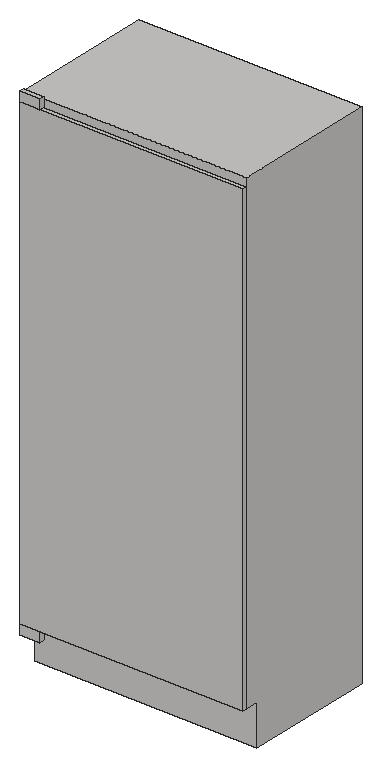
Revit family "RF491705", category Generic Models, Revit 2014
Parameters (values of type "RF491705")
  Width = 908 mm
  URL = "http://www.gaggenau.com."
  Model = "RF491705"
  Manufacturer = "Gaggenau"
  Height = 2125 mm
  Handle = Metal Panel
  Fridge = Metal Panel
  Door = Metal Panel
  Description = "Gaggenau 36\" Freezer Column with integrated ice maker"
  Depth = 608 mm
Reference planes
  plane 1 "Center (Front/Back)": y = 0
  plane 2: z = 0
  plane 3 "Center (Left/Right)": x = 0
  plane 4: z = 2125
  plane 5: x = -454
  plane 6: x = 454
  plane 7: y = 266.012
  plane 8: y = -341.988
  plane 9: z = 181
  plane 10: z = 102
  plane 11: z = 14.093
  plane 12: z = 2131
  plane 13: z = 2091
  plane 14: y = -268.988
  plane 15: y = -321.988
  plane 16: x = 393.794
Forms (mm)
  Extrusion 1, solid, material "Metal Panel" <- "Fridge"
    sketch origin (0, 0, 0) x (0, 1, 0) y (0, 0, 1)
      loop
        line (266.012, 2125) -> (-321.988, 2125) -> (-321.988, 181) -> (-268.988, 181) -> (-268.988, 14.093) -> (266.012, 14.093) -> (266.012, 2125)
    from -454 to 454
  Extrusion 2, solid, material "Metal Panel" <- "Door"
    sketch origin (0, 0, 0) x (1, 0, 0) y (0, 0, 1)
      loop
        line (-454, 181) -> (454, 181) -> (454, 2091) -> (-454, 2091) -> (-454, 181)
    from 321.988 to 341.988
  Extrusion 3, solid, material "Metal Panel" <- "Door"
    sketch origin (-828, 0, -0.35) x (1, 0, 0) y (0, 0, 1)
      loop
        line (454, 2131.35) -> (374, 2131.35) -> (374, 2091.35) -> (454, 2091.35) -> (454, 2131.35)
      loop
        line (454, 181.35) -> (374, 181.35) -> (374, 141.35) -> (454, 141.35) -> (454, 181.35)
    from 321.988 to 341.988
  Extrusion 4, solid, material "Metal Panel" <- "Fridge"
    sketch origin (0, 0, 0) x (1, 0, 0) y (0, 1, 0)
      loop
        circle (-422.403, -159.898) r 11.868
      loop
        circle (-422.403, 159.898) r 11.868
      loop
        circle (422.403, -159.898) r 11.868
      loop
        circle (422.403, 159.898) r 11.868
    from 0 to 14.093
Dimensions and locks
  "Width": plane 5 to plane 6
  plane 7 to plane 8 = 608 mm  (x2)
  plane 4 to plane 2 = 2125 mm
  plane 9 to plane 2 = 181 mm
  plane 10 to plane 2 = 102 mm
  plane 12 to plane 13 = 40 mm
  plane 14 to plane 8 = 73 mm
  plane 6 to plane 16 = 60.206 mm
  equal spacing: plane 5, plane 3 "Center (Left/Right)", plane 6
  plane 12 to plane 10 = 2029 mm
  aligned and locked: level to plane 2
  aligned and locked: plane 5 to Extrusion 1
  aligned and locked: plane 6 to Extrusion 1
  aligned and locked: Extrusion 2 to plane 8
  aligned and locked: Extrusion 2 to Extrusion 1
  aligned and locked: Extrusion 3 to plane 8
  aligned and locked: Extrusion 3 to Extrusion 1
  aligned and locked: plane 13 to Extrusion 2 sketch curve
  aligned and locked: plane 6 to Extrusion 2 sketch curve
  aligned and locked: plane 5 to Extrusion 2 sketch curve
Automatic sketch dimensions
  Extrusion 1 sketch curve to plane 4 = 0 mm
  Extrusion 1 sketch curve to plane 15 = 0 mm
  Extrusion 1 sketch curve to plane 9 = 0 mm
  Extrusion 1 sketch curve to plane 14 = 0 mm
  Extrusion 1 sketch curve to plane 7 = 0 mm
  Extrusion 1 sketch curve to plane 11 = 0 mm
  Extrusion 4 sketch curve to plane 5 = 31.597 mm  (x2)
  plane 16 to Extrusion 4 sketch curve = 28.608 mm  (x2)
  Extrusion 4 sketch curve to plane 14 = 109.089 mm  (x2)
  Extrusion 4 sketch curve to plane 7 = 106.114 mm  (x2)
  plane 10 to Extrusion 2 sketch curve = 79 mm
  Extrusion 3 sketch curve to plane 16 = 847.794 mm  (x2)
  Extrusion 3 sketch curve to plane 12 = 0 mm
  Extrusion 3 sketch curve to plane 6 = 828 mm  (x2)
  Extrusion 3 sketch curve to plane 9 = 0 mm
  Extrusion 3 sketch curve to plane 13 = 0 mm
  Extrusion 3 sketch curve to plane 9 = 40 mm
  radius of Extrusion 4 sketch curve = 11.868 mm  (x4)
